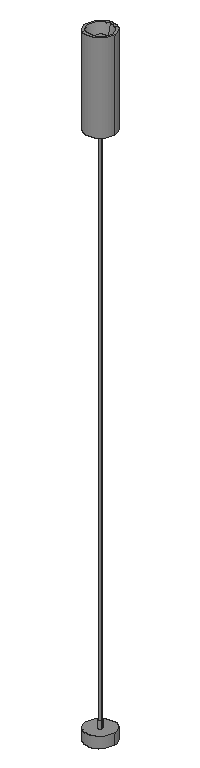
Revit family "2061007 Sylvania Lighting Fixture TubiXx LED pendant 3000K white-white", category Lighting Fixtures, host Face, Revit 2016
Family settings
  Host = Face
  Part Type = Normal
  Round Connector Dimension = Use Diameter
  OmniClass Number = 23.80.70.00
  OmniClass Title = Lighting
  Cut with Voids When Loaded = No
  Light Source = Yes
  Shared = No
  Room Calculation Point = No
Parameters (values of type "2061007 TUBIXX LED PENDANT 3000K WHITE-WHITE")
  Weight = "n/a"
  Wattage Comments = ""
  Wattage = 9.2903 W
  WarrantyStartDate [instance] = "n/a"
  WarrantyGuarantorParts = "n/a"
  WarrantyDurationUnit = "n/a"
  WarrantyDurationParts = ""
  WarrantyDescription = "http://www.sylvania-lighting.com"
  built-in parameter 1150110 = 1 (stored number, unit not read)
  Voltage = 0 V
  URL = "0.95"
  TypeName = "TubiXx LED pendant 3000K white-white"
  Type Image = <None>
  Type Comments = "n/a"
  Tube Length = 250 mm
  Tube Diameter = 80 mm
  built-in parameter 1114217 = 1 (stored number, unit not read)
  Tilt Angle = 90.00°
  built-in parameter 1150109 = 1 (stored number, unit not read)
  built-in parameter 1150134 = 3
  built-in parameter 1150113 = 1 (stored number, unit not read)
  SerialNumber [instance] = "n/a"
  Recess Depth = 28.015 mm
  Photometric Web File = "2061007.ies"
  Material_3_FEILO = none
  PowerFactor = 0
  PowerConsumption = "Lighting"
  NominalLength = 0 mm
  NominalHeight = 0 mm
  NominalDepth = 0 mm
  Name = "TubiXx LED pendant 3000K white-white"
  ModelReference = Name  # "TubiXx LED pendant 3000K white-white"
  ModelNumber = "2061007"
  Model = Name  # "TubiXx LED pendant 3000K white-white"
  Material = "Feilo Sylvania"
  ManufacturerName = "91 lm/W"
  Manufacturer = ""
  LuminousEfficacy = ""
  built-in parameter 1150105 = 109.82 (stored number, unit not read)
  Lumens = 1380 lm
  LuminaireType = "0"
  built-in parameter 1150115 = 1 (stored number, unit not read)
  LightOutputRatio = "LED"
  built-in parameter 1150137 = (empty or 0)
  built-in parameter 1150139 = (empty or 0)
  LampsType = Lamp  # "n/a"
  LampNominalLuminous = "3000 K"
  LampMacAdamStep = "92"
  LampColourTemperature = "LED"
  LampColourRenderingIndex = "16500"
  built-in parameter 1150112 = 1 (stored number, unit not read)
  built-in parameter 1150114 = 1 (stored number, unit not read)
  Lamp = "n/a"
  Keynote = "n/a"
  InstallationDate [instance] = "n/a"
  InputVoltage = "0"
  InputNominalFrequency = "3000"
  built-in parameter 1150132 = (empty or 0)
  built-in parameter 1150102 = (empty or 0)
  built-in parameter 1150107 = 3200 (stored number, unit not read)
  built-in parameter 1150138 = (empty or 0)
  IngressProtection = "IfcLightFixtureType"
  ImpactProtectionIndex = "IfcLightFixtureType"
  built-in parameter 1150106 = 1.0982 (stored number, unit not read)
  IfcExportType = "IfcLightFixtureType"
  IfcExportAs = "Class I"
  ExpectedLife = 50000
  Emit from Circle Diameter = 609.6 mm
  Emit Shape Visible in Rendering = no
  ElectricShockClassification = "91"
  built-in parameter 1150104 = 13.8 (stored number, unit not read)
  DurationUnit = "hours"
  DocumentationLiterature = "http://www.sylvania-lighting.com/product/en-int/products/2061007"
  DimmingControlOptions = "n/a"
  Material_2_FEILO = none
  Dimming Lamp Color Temperature Shift = <None>
  Description = "TubiXx LED Pendant is a decorative pendant fixture with integrated driver, equipped with an integrated non-dimmable LED driver, White finish with White reflector, colour temperature 3000K, 14W, 1267lm, 91lm/W, IP20, IK02, Class I. Dimensions 250mmx80mm."
  Default Elevation = 1219.2 mm
  CreatedOn = "22/11/2019"
  CreatedBy = "@sylvania-lighting.com"
  Cost = 0
  Color Filter = 16777215
  built-in parameter 1114216 [instance] = (empty or 0)
  ClassificationValue = "EF_70_80"
  ClassificationName = "Uniclass2015"
  Material_1_FEILO = none
  Ceiling Rose Depth = 30 mm
  Cable Length = 1500 mm
  BarCode [instance] = "n/a"
  built-in parameter 1114218 = 1 (stored number, unit not read)
  built-in parameter 1150133 = 10 (stored number, unit not read)
  AssetType = "Fixed"
  AssetIdentifier [instance] = "n/a"
  Assembly Code = "D5020200"
  Apparent Load = 14 VA
  Material_4_FEILO = none
Reference planes
  plane 1 "Center (Front/Back)": y = 0
  plane 2: z = 0
  plane 3 "Center (Left/Right)": x = 0
  plane 4: x = 40
  plane 5: x = -40
  plane 6: y = 40
  plane 7: y = -40
  plane 8: z = 0
  plane 9: z = 30.144
  plane 10: z = 1530.144
  plane 11: z = 1752.129
  plane 12: z = 1780.144
Forms (mm)
  Extrusion 1, solid, material "Aluminum", detail levels medium+fine
    sketch origin (4.2, 0, 0) x (1, 0, 0) y (0, 1, 0)
      loop
        circle (-4.2, 0) r 40
    from 1530.144 to 1780.144
  Blend 2, void
    base sketch origin (4.2, 0, 0) x (0, 1, 0) y (-1, 0, 0)
      loop
        circle (0, 4.2) r 25
    top sketch origin (4.2, 0, 0) x (0, 1, 0) y (-1, 0, 0)
      loop
        circle (0, 4.2) r 34
    from 1752.144 to 1780.144
  Extrusion 3, solid, material "Plastic, Opaque Black", detail levels fine
    sketch origin (3.621, -0.001, 1239.938) x (0, 1, 0) y (1, 0, 0)
      loop
        circle (0.002, -3.635) r 6
    from -290.206 to -270.206
  Extrusion 4, solid, detail levels coarse
    sketch origin (4.25, 0.033, 1530.144) x (0, 1, 0) y (1, 0, 0)
      loop
        line (39.967, 35.75) -> (-40.071, 35.75) -> (-40.071, -44.142) -> (39.967, -44.142) -> (39.967, 35.75)
    from -250 to 1530.144
  Extrusion 5, solid, material "Glass, White, High Luminance", detail levels fine
    sketch origin (4.2, 0, 1752.144) x (0, 1, 0) y (-1, 0, 0)
      loop
        circle (0.004, 4.166) r 25.024
    from 0 to 2
  Extrusion 6, solid, material "Fabric", detail levels medium+fine
    sketch origin (3.621, -0.001, 1219.938) x (-1, 0, 0) y (0, 1, 0)
      loop
        circle (3.63, 0.003) r 3.5
    from -310.206 to 1189.938
  Extrusion 7, solid, material "Plastic, Opaque Black", detail levels fine
    sketch origin (4.2, 0, 30) x (1, 0, 0) y (0, 1, 0)
      loop
        circle (-4.215, 0.002) r 6
    from 0 to 20
  Extrusion 8, solid, material "Aluminum", detail levels medium+fine
    sketch origin (4.2, 0, 0) x (1, 0, 0) y (0, 1, 0)
      loop
        circle (-4.2, 0) r 40
    from 0 to 30
Cuts and joins
  Blend 2 cuts Extrusion 1
Dimensions and locks
  "Tube Diameter": plane 5 to plane 4
  equal spacing: plane 5, plane 3 "Center (Left/Right)", plane 4, locked at 40 each
  "Tube Diameter": plane 6 to plane 7
  equal spacing: plane 6, plane 1 "Center (Front/Back)", plane 7, locked at 40 each
  "Cable Length": plane 10 to plane 9
  "Recess Depth": plane 12 to plane 11
  "Tube Length": plane 12 to plane 10
  aligned and locked: plane 2 to host face
  aligned and locked: level to host face
  aligned and locked: Extrusion 4 to cut or joined group of Extrusion 1, Blend 2
Automatic sketch dimensions
  host sketch curve to host sketch curve = 2438.4 mm  (x2)
  plane 1 "Center (Front/Back)" to Extrusion 1 sketch curve = 0 mm
  Extrusion 1 sketch curve to plane 3 "Center (Left/Right)" = 0 mm
  plane 1 "Center (Front/Back)" to Blend 2 sketch curve = 0 mm  (x2)
  Blend 2 sketch curve to plane 3 "Center (Left/Right)" = 0 mm  (x2)
  Extrusion 4 sketch curve to Extrusion 4 sketch curve = 80.038 mm
  Extrusion 4 sketch curve to Extrusion 4 sketch curve = 79.892 mm
  Extrusion 7 sketch curve to plane 1 "Center (Front/Back)" = 0.002 mm
  Extrusion 7 sketch curve to plane 3 "Center (Left/Right)" = 0.015 mm
  plane 1 "Center (Front/Back)" to Extrusion 8 sketch curve = 0 mm
  Extrusion 8 sketch curve to plane 3 "Center (Left/Right)" = 0 mm
  radius of Extrusion 1 sketch curve = 40 mm
  radius of Blend 2 sketch curve = 25 mm
  radius of Blend 2 sketch curve = 34 mm
  radius of Extrusion 3 sketch curve = 6 mm
  radius of Extrusion 5 sketch curve = 25.024 mm
  radius of Extrusion 6 sketch curve = 3.5 mm
  radius of Extrusion 7 sketch curve = 6 mm
  radius of Extrusion 8 sketch curve = 40 mm
Connectors
  electrical at (0, 0, 0)
    settings: on Extrusion 8, index 1, voltage 0 V, apparent load 0 VA, apparent load phase1 0 VA, apparent load phase2 0 VA, apparent load phase3 0 VA, power factor 1, load classification "Other", number of poles 1, system type 31, power factor state 1, is connector primary yes, connector utility no, sub classification motor no, connector description ""
